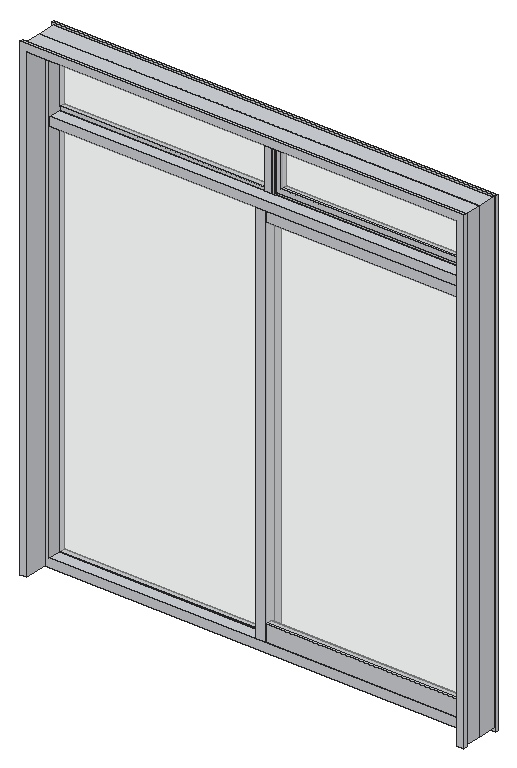
Revit family "APL Residential Thermal Heart Sliding Door SF with Overlight", category Doors, host Wall, Revit 2017 (continued)
Definition of nested family "APL Residential Thermal Heart Sliding Door SF Overlight Horizontal Section"
  Definition of nested family "Jamb&Sash"
    Definition of nested family "65720_Sash"
      Lines and regions (mm)
        detail lines, in view "Ref. Level"
          curve 14: line (-3.5, 20.705, 0) -> (-3.5, 21.955, 0)
          curve 15: line (-3.5, 21.955, 0) -> (-2.208, 21.955, 0)
          curve 16: line (-2.208, 21.955, 0) -> (-0.482, 17.85, 0)
        detail lines, in view "Ref. Level", not visible
          curve 17: arc (33.161, -9.933, 0) -> (32.851, -9.793, 0) -> (32.689, -10.092, 0) r 0.25
          curve 18: arc (32.715, -19.98, 0) -> (32.877, -20.279, 0) -> (33.188, -20.139, 0) r 0.25
          curve 19: line (32.689, -10.092, 0) -> (33.683, -13.959, 0)
          curve 20: line (33.683, -13.959, 0) -> (32.679, -14.539, 0)
          curve 21: line (32.679, -14.539, 0) -> (32.679, -15.539, 0)
          curve 22: line (32.679, -15.539, 0) -> (33.705, -16.131, 0)
          curve 23: line (33.705, -16.131, 0) -> (32.715, -19.98, 0)
          curve 24: line (33.188, -20.139, 0) -> (34.912, -16.039, 0)
          curve 25: line (34.912, -16.039, 0) -> (36.179, -16.039, 0)
          curve 26: line (36.179, -16.039, 0) -> (36.179, -17.289, 0)
          curve 27: line (36.179, -17.289, 0) -> (37.179, -17.289, 0)
          curve 28: line (37.179, -17.289, 0) -> (37.179, -12.789, 0)
          curve 29: line (37.179, -12.789, 0) -> (36.179, -12.789, 0)
          curve 30: line (36.179, -12.789, 0) -> (36.179, -14.039, 0)
          curve 31: line (36.179, -14.039, 0) -> (34.887, -14.039, 0)
          curve 32: line (34.887, -14.039, 0) -> (33.161, -9.933, 0)
        model lines, in view "Ref. Level"
          curve 33: arc (17.915, 0.146, 0) -> (17.978, 0, 0) -> (17.915, -0.146, 0) r 0.2
          curve 34: arc (17.915, -0.146, 0) -> (17.682, -0.477, 0) -> (17.6, -0.874, 0) r 1
          curve 35: arc (17.6, -2.45, 0) -> (17.728, -2.668, 0) -> (17.98, -2.663, 0) r 0.25
          curve 36: arc (18.066, -2.611, 0) -> (18.172, -2.479, 0) -> (18.169, -2.309, 0) r 0.25
          curve 37: arc (19.422, -1.544, 0) -> (19.498, -1.511, 0) -> (19.579, -1.5, 0) r 0.3
          curve 38: arc (20.1, -1.5, 0) -> (20.258, -1.578, 0) -> (20.294, -1.75, 0) r 0.2
          curve 39: arc (20.1, -5.753, 0) -> (20.126, -5.875, 0) -> (20.2, -5.976, 0) r 0.3
          curve 40: arc (20.2, -5.976, 0) -> (20.28, -6.307, 0) -> (20, -6.5, 0) r 0.3
          curve 41: arc (17.779, -5.957, 0) -> (17.69, -5.905, 0) -> (17.638, -5.816, 0) r 0.2
          curve 42: arc (17.593, -5.648, 0) -> (17.452, -5.507, 0) -> (17.259, -5.559, 0) r 0.2
          curve 43: arc (16.895, -5.922, 0) -> (16.835, -6.008, 0) -> (16.808, -6.108, 0) r 0.3
          curve 44: arc (16.601, -8.474, 0) -> (16.717, -8.738, 0) -> (17.003, -8.782, 0) r 0.3
          curve 45: arc (18.413, -8.268, 0) -> (18.539, -8.181, 0) -> (18.605, -8.043, 0) r 0.3
          curve 46: arc (18.605, -8.043, 0) -> (18.878, -7.801, 0) -> (19.183, -8, 0) r 0.3
          curve 47: arc (38.5, -8, 0) -> (38.855, -8.145, 0) -> (39, -8.5, 0) r 0.496
          curve 48: arc (37.5, -13.6, 0) -> (36.793, -13.893, 0) -> (36.5, -14.6, 0) r 1
          curve 49: arc (36.5, -15.098, 0) -> (37, -15.599, 0) -> (37.5, -15.099, 0) r 0.5
          curve 50: arc (39.4, -19.8, 0) -> (39.1, -20.1, 0) -> (39.4, -20.4, 0) r 0.3
          curve 51: arc (37.5, -24.002, 0) -> (37.354, -23.647, 0) -> (37, -23.5, 0) r 0.5
          curve 52: arc (36.001, -23.5, 0) -> (35.859, -23.441, 0) -> (35.8, -23.3, 0) r 0.2
          curve 53: arc (35.8, -23.308, 0) -> (35.697, -23.003, 0) -> (35.429, -22.825, 0) r 0.5
          curve 54: arc (34.552, -22.589, 0) -> (34.378, -22.624, 0) -> (34.3, -22.783, 0) r 0.2
          curve 55: arc (34.52, -24.835, 0) -> (34.588, -24.953, 0) -> (34.717, -25, 0) r 0.2
          curve 56: arc (36, -26.8, 0) -> (36.059, -26.941, 0) -> (36.2, -27, 0) r 0.2
          curve 57: arc (40.6, -27, 0) -> (40.741, -26.941, 0) -> (40.8, -26.8, 0) r 0.2
          curve 58: arc (40.8, 9.2, 0) -> (40.2, 9.801, 0) -> (39.6, 9.2, 0) r 0.6
          curve 59: arc (34.719, 4.17, 0) -> (34.38, 4.303, 0) -> (34.221, 4.63, 0) r 0.5
          curve 60: arc (34.221, 4.63, 0) -> (34.008, 5.519, 0) -> (33.531, 6.299, 0) r 2.93
          curve 61: arc (33.531, 6.299, 0) -> (33.518, 6.54, 0) -> (33.747, 6.618, 0) r 0.2
          curve 62: arc (33.747, 6.618, 0) -> (34.115, 6.712, 0) -> (34.181, 7.087, 0) r 0.35
          curve 63: arc (34.181, 7.087, 0) -> (33.629, 7.751, 0) -> (32.801, 8, 0) r 1.498
          curve 64: arc (19.183, 8, 0) -> (18.878, 7.801, 0) -> (18.605, 8.043, 0) r 0.3
          curve 65: arc (18.605, 8.043, 0) -> (18.539, 8.181, 0) -> (18.413, 8.268, 0) r 0.3
          curve 66: arc (17.003, 8.782, 0) -> (16.717, 8.738, 0) -> (16.601, 8.474, 0) r 0.3
          curve 67: arc (16.808, 6.108, 0) -> (16.835, 6.008, 0) -> (16.895, 5.922, 0) r 0.3
          curve 68: arc (17.259, 5.559, 0) -> (17.452, 5.507, 0) -> (17.593, 5.648, 0) r 0.2
          curve 69: arc (17.638, 5.816, 0) -> (17.69, 5.905, 0) -> (17.779, 5.957, 0) r 0.2
          curve 70: arc (20, 6.5, 0) -> (20.28, 6.307, 0) -> (20.2, 5.976, 0) r 0.3
          curve 71: arc (20.2, 5.976, 0) -> (20.126, 5.875, 0) -> (20.1, 5.753, 0) r 0.3
          curve 72: arc (20.294, 1.75, 0) -> (20.258, 1.578, 0) -> (20.1, 1.5, 0) r 0.2
          curve 73: arc (19.579, 1.5, 0) -> (19.498, 1.511, 0) -> (19.423, 1.544, 0) r 0.3
          curve 74: arc (18.169, 2.309, 0) -> (18.172, 2.479, 0) -> (18.066, 2.611, 0) r 0.25
          curve 75: arc (17.98, 2.663, 0) -> (17.728, 2.668, 0) -> (17.6, 2.45, 0) r 0.25
          curve 76: arc (17.6, 0.874, 0) -> (17.682, 0.477, 0) -> (17.915, 0.146, 0) r 1
          curve 77: arc (28.892, 6.6, 0) -> (29.073, 6.485, 0) -> (29.046, 6.272, 0) r 0.2
          curve 78: arc (29.046, 6.272, 0) -> (28.37, 4.41, 0) -> (29.034, 2.543, 0) r 2.93
          curve 79: arc (29.034, 2.543, 0) -> (30.019, 2.445, 0) -> (30.116, 3.43, 0) r 0.7
          curve 80: arc (30.116, 3.43, 0) -> (29.77, 4.4, 0) -> (30.116, 5.37, 0) r 1.53
          curve 81: arc (30.116, 5.37, 0) -> (30.208, 5.514, 0) -> (30.262, 5.676, 0) r 0.7
          curve 82: arc (30.262, 5.676, 0) -> (30.359, 5.888, 0) -> (30.541, 6.032, 0) r 0.5
          curve 83: arc (30.541, 6.032, 0) -> (31.3, 6.2, 0) -> (32.059, 6.032, 0) r 1.8
          curve 84: arc (32.059, 6.032, 0) -> (32.241, 5.888, 0) -> (32.338, 5.676, 0) r 0.5
          curve 85: arc (32.338, 5.676, 0) -> (32.392, 5.514, 0) -> (32.484, 5.37, 0) r 0.7
          curve 86: arc (32.484, 5.37, 0) -> (32.83, 4.4, 0) -> (32.484, 3.43, 0) r 1.53
          curve 87: arc (32.484, 3.43, 0) -> (32.581, 2.445, 0) -> (33.566, 2.543, 0) r 0.7
          curve 88: arc (33.566, 2.543, 0) -> (33.647, 2.645, 0) -> (33.722, 2.751, 0) r 2.93
          curve 89: arc (33.722, 2.751, 0) -> (33.902, 2.912, 0) -> (34.135, 2.97, 0) r 0.5
          curve 90: arc (38.899, 2.97, 0) -> (39.253, 2.824, 0) -> (39.4, 2.47, 0) r 0.5
          curve 91: arc (39.4, -6.3, 0) -> (39.254, -6.654, 0) -> (38.9, -6.8, 0) r 0.5
          curve 92: arc (22.502, -6.8, 0) -> (22.147, -6.654, 0) -> (22, -6.3, 0) r 0.5
          curve 93: line (17.6, -0.874, 0) -> (17.6, -2.45, 0)
          curve 94: line (18.169, -2.309, 0) -> (19.422, -1.544, 0)
          curve 95: line (19.422, -1.544, 0) -> (20.1, -1.5, 0)
          curve 96: line (20.294, -1.75, 0) -> (20.106, -2.475, 0)
          curve 97: line (20.106, -2.475, 0) -> (20.1, -5.753, 0)
          curve 98: line (19.846, -6.5, 0) -> (17.779, -5.957, 0)
          curve 99: line (17.779, -5.957, 0) -> (17.593, -5.648, 0)
          curve 100: line (17.259, -5.559, 0) -> (16.895, -5.922, 0)
          curve 101: line (16.808, -6.108, 0) -> (16.601, -8.474, 0)
          curve 102: line (17.003, -8.782, 0) -> (18.413, -8.268, 0)
          curve 103: line (19.183, -8, 0) -> (38.5, -8, 0)
          curve 104: line (39, -8.5, 0) -> (39, -13.6, 0)
          curve 105: line (39, -13.6, 0) -> (37.5, -13.6, 0)
          curve 106: line (36.5, -14.6, 0) -> (36.5, -15.098, 0)
          curve 107: line (37.5, -15.099, 0) -> (37.5, -14.6, 0)
          curve 108: line (37.5, -14.6, 0) -> (39.4, -14.6, 0)
          curve 109: line (39.4, -14.6, 0) -> (39.4, -19.8, 0)
          curve 110: line (39.4, -20.4, 0) -> (39.4, -25.6, 0)
          curve 111: line (39.4, -25.6, 0) -> (37.5, -25.6, 0)
          curve 112: line (37.5, -25.6, 0) -> (37.5, -24.002, 0)
          curve 113: line (37, -23.5, 0) -> (36.001, -23.5, 0)
          curve 114: line (35.429, -22.825, 0) -> (34.552, -22.589, 0)
          curve 115: line (34.3, -22.783, 0) -> (34.3, -23.589, 0)
          curve 116: line (34.3, -23.589, 0) -> (34.52, -24.835, 0)
          curve 117: line (34.717, -25, 0) -> (36, -25, 0)
          curve 118: line (36, -25, 0) -> (36, -26.8, 0)
          curve 119: line (36.2, -27, 0) -> (40.6, -27, 0)
          curve 120: line (40.8, -26.8, 0) -> (40.8, 9.2, 0)
          curve 121: line (39.6, 9.2, 0) -> (39.6, 4.17, 0)
          curve 122: line (39.6, 4.17, 0) -> (34.719, 4.17, 0)
          curve 123: line (32.801, 8, 0) -> (24.7, 8, 0)
          curve 124: line (24.7, 8, 0) -> (24.3, 7.6, 0)
          curve 125: line (24.3, 7.6, 0) -> (23.9, 8, 0)
          curve 126: line (23.9, 8, 0) -> (19.183, 8, 0)
          curve 127: line (18.413, 8.268, 0) -> (17.003, 8.782, 0)
          curve 128: line (16.601, 8.474, 0) -> (16.808, 6.108, 0)
          curve 129: line (16.895, 5.922, 0) -> (17.259, 5.559, 0)
          curve 130: line (17.593, 5.648, 0) -> (17.638, 5.816, 0)
          curve 131: line (17.638, 5.816, 0) -> (19.768, 6.49, 0)
          curve 132: line (19.768, 6.49, 0) -> (20, 6.5, 0)
          curve 133: line (20.1, 5.753, 0) -> (20.1, 2.525, 0)
          curve 134: line (20.1, 2.525, 0) -> (20.294, 1.75, 0)
          curve 135: line (20.1, 1.5, 0) -> (19.579, 1.5, 0)
          curve 136: line (19.579, 1.5, 0) -> (18.169, 2.309, 0)
          curve 137: line (17.6, 2.45, 0) -> (17.6, 0.874, 0)
          curve 138: line (22.5, 6.6, 0) -> (28.892, 6.6, 0)
          curve 139: line (34.135, 2.97, 0) -> (38.899, 2.97, 0)
          curve 140: line (39.4, 2.47, 0) -> (39.4, -6.3, 0)
          curve 141: line (38.9, -6.8, 0) -> (22.502, -6.8, 0)
          curve 142: line (22, -6.3, 0) -> (22, 6.1, 0)
          curve 143: arc (22, 6.1, 0) -> (22.146, 6.454, 0) -> (22.5, 6.6, 0) r 0.5
          curve 144: arc (12.714, 14.359, 0) -> (13.138, 14.183, 0) -> (13.314, 13.759, 0) r 0.6
          curve 145: arc (13.633, 5.978, 0) -> (13.937, 5.291, 0) -> (14.633, 5.009, 0) r 1
          curve 146: arc (17.054, 5.009, 0) -> (17.364, 5.05, 0) -> (17.654, 5.17, 0) r 1.2
          curve 147: arc (19.714, 6.209, 0) -> (19.996, 6.092, 0) -> (20.114, 5.809, 0) r 0.4
          curve 148: arc (20.014, 4.834, 0) -> (19.955, 4.693, 0) -> (19.814, 4.634, 0) r 0.2
          curve 149: arc (19.617, 4.653, 0) -> (19.041, 4.615, 0) -> (18.764, 4.109, 0) r 0.6
          curve 150: arc (18.764, 4.109, 0) -> (19.041, 3.603, 0) -> (19.617, 3.565, 0) r 0.6
          curve 151: arc (19.814, 3.584, 0) -> (19.955, 3.525, 0) -> (20.014, 3.384, 0) r 0.2
          curve 152: arc (20.114, 2.409, 0) -> (19.996, 2.126, 0) -> (19.714, 2.009, 0) r 0.4
          curve 153: arc (17.654, 3.048, 0) -> (17.364, 3.168, 0) -> (17.054, 3.209, 0) r 1.2
          curve 154: arc (8.374, 3.209, 0) -> (8.063, 3.168, 0) -> (7.774, 3.048, 0) r 1.2
          curve 155: arc (5.714, 2.009, 0) -> (5.431, 2.126, 0) -> (5.314, 2.409, 0) r 0.4
          curve 156: arc (5.414, 3.384, 0) -> (5.472, 3.525, 0) -> (5.614, 3.584, 0) r 0.2
          curve 157: arc (5.81, 3.565, 0) -> (6.386, 3.603, 0) -> (6.664, 4.109, 0) r 0.6
          curve 158: arc (6.664, 4.109, 0) -> (6.386, 4.615, 0) -> (5.81, 4.653, 0) r 0.6
          curve 159: arc (5.614, 4.634, 0) -> (5.472, 4.693, 0) -> (5.414, 4.834, 0) r 0.2
          curve 160: arc (5.314, 5.809, 0) -> (5.431, 6.092, 0) -> (5.714, 6.209, 0) r 0.4
          curve 161: arc (7.774, 5.17, 0) -> (8.063, 5.05, 0) -> (8.374, 5.009, 0) r 1.2
          curve 162: arc (10.794, 5.009, 0) -> (11.49, 5.291, 0) -> (11.794, 5.978, 0) r 1
          curve 163: line (13.314, 13.759, 0) -> (13.633, 5.978, 0)
          curve 164: line (14.633, 5.009, 0) -> (16.946, 5.009, 0)
          curve 165: line (17.654, 5.17, 0) -> (18.414, 5.609, 0)
          curve 166: line (18.414, 5.609, 0) -> (19.407, 6.182, 0)
          curve 167: line (19.407, 6.182, 0) -> (19.714, 6.209, 0)
          curve 168: line (20.114, 5.809, 0) -> (20.114, 5.309, 0)
          curve 169: line (20.114, 5.309, 0) -> (20.014, 4.834, 0)
          curve 170: line (20.014, 3.384, 0) -> (20.014, 3.009, 0)
          curve 171: line (20.014, 3.009, 0) -> (20.114, 2.409, 0)
          curve 172: line (19.714, 2.009, 0) -> (19.507, 2.009, 0)
          curve 173: line (19.507, 2.009, 0) -> (18.414, 2.609, 0)
          curve 174: line (18.414, 2.609, 0) -> (17.654, 3.048, 0)
          curve 175: line (16.946, 3.209, 0) -> (12.714, 3.209, 0)
          curve 176: line (12.714, 3.209, 0) -> (8.374, 3.209, 0)
          curve 177: line (7.774, 3.048, 0) -> (6.02, 2.036, 0)
          curve 178: line (6.02, 2.036, 0) -> (5.714, 2.009, 0)
          curve 179: line (5.314, 2.409, 0) -> (5.314, 2.909, 0)
          curve 180: line (5.314, 2.909, 0) -> (5.414, 3.384, 0)
          curve 181: line (5.414, 4.834, 0) -> (5.414, 5.209, 0)
          curve 182: line (5.414, 5.209, 0) -> (5.314, 5.809, 0)
          curve 183: line (5.714, 6.209, 0) -> (5.92, 6.209, 0)
          curve 184: line (5.92, 6.209, 0) -> (7.774, 5.17, 0)
          curve 185: line (8.374, 5.009, 0) -> (10.794, 5.009, 0)
          curve 186: line (11.794, 5.978, 0) -> (12.114, 13.768, 0)
          curve 187: arc (12.114, 13.768, 0) -> (12.293, 14.187, 0) -> (12.714, 14.359, 0) r 0.6
          curve 188: arc (5.3, -2.4, 0) -> (5.417, -2.117, 0) -> (5.7, -2, 0) r 0.4
          curve 189: arc (5.993, -2, 0) -> (6.096, -2.014, 0) -> (6.193, -2.054, 0) r 0.4
          curve 190: arc (7.721, -2.939, 0) -> (8.011, -3.059, 0) -> (8.322, -3.1, 0) r 1.2
          curve 191: arc (9.245, -3.1, 0) -> (9.818, -3.281, 0) -> (10.184, -3.758, 0) r 1
          curve 192: arc (10.977, -5.937, 0) -> (11.124, -6.128, 0) -> (11.353, -6.2, 0) r 0.4
          curve 193: arc (14.047, -6.2, 0) -> (14.276, -6.128, 0) -> (14.423, -5.937, 0) r 0.4
          curve 194: arc (15.216, -3.758, 0) -> (15.582, -3.281, 0) -> (16.155, -3.1, 0) r 1
          curve 195: arc (17.078, -3.1, 0) -> (17.389, -3.059, 0) -> (17.679, -2.939, 0) r 1.2
          curve 196: arc (19.207, -2.054, 0) -> (19.304, -2.014, 0) -> (19.407, -2, 0) r 0.4
          curve 197: arc (19.7, -2, 0) -> (19.983, -2.117, 0) -> (20.1, -2.4, 0) r 0.4
          curve 198: arc (20.1, -5.8, 0) -> (19.983, -6.083, 0) -> (19.7, -6.2, 0) r 0.4
          curve 199: arc (19.407, -6.2, 0) -> (19.304, -6.186, 0) -> (19.207, -6.146, 0) r 0.4
          curve 200: arc (17.679, -5.261, 0) -> (17.385, -5.14, 0) -> (17.07, -5.1, 0) r 1.2
          curve 201: arc (17.07, -5.1, 0) -> (16.895, -5.153, 0) -> (16.784, -5.297, 0) r 0.3
          curve 202: arc (15.896, -7.737, 0) -> (15.749, -7.928, 0) -> (15.52, -8, 0) r 0.4
          curve 203: arc (9.88, -8, 0) -> (9.651, -7.928, 0) -> (9.504, -7.737, 0) r 0.4
          curve 204: arc (8.616, -5.297, 0) -> (8.505, -5.153, 0) -> (8.33, -5.1, 0) r 0.3
          curve 205: arc (8.33, -5.1, 0) -> (8.015, -5.14, 0) -> (7.721, -5.261, 0) r 1.2
          curve 206: arc (6.193, -6.146, 0) -> (6.096, -6.186, 0) -> (5.993, -6.2, 0) r 0.4
          curve 207: arc (5.7, -6.2, 0) -> (5.417, -6.083, 0) -> (5.3, -5.8, 0) r 0.4
          curve 208: line (5.7, -2, 0) -> (5.993, -2, 0)
          curve 209: line (6.193, -2.054, 0) -> (7.721, -2.939, 0)
          curve 210: line (8.322, -3.1, 0) -> (9.245, -3.1, 0)
          curve 211: line (10.184, -3.758, 0) -> (10.977, -5.937, 0)
          curve 212: line (11.353, -6.2, 0) -> (14.047, -6.2, 0)
          curve 213: line (14.423, -5.937, 0) -> (15.216, -3.758, 0)
          curve 214: line (16.155, -3.1, 0) -> (17.078, -3.1, 0)
          curve 215: line (17.679, -2.939, 0) -> (19.207, -2.054, 0)
          curve 216: line (19.407, -2, 0) -> (19.7, -2, 0)
          curve 217: line (20.1, -2.4, 0) -> (20.1, -5.8, 0)
          curve 218: line (19.7, -6.2, 0) -> (19.407, -6.2, 0)
          curve 219: line (19.207, -6.146, 0) -> (17.679, -5.261, 0)
          curve 220: line (16.784, -5.297, 0) -> (15.896, -7.737, 0)
          curve 221: line (15.52, -8, 0) -> (9.88, -8, 0)
          curve 222: line (9.504, -7.737, 0) -> (8.616, -5.297, 0)
          curve 223: line (7.721, -5.261, 0) -> (6.193, -6.146, 0)
          curve 224: line (5.993, -6.2, 0) -> (5.7, -6.2, 0)
          curve 225: line (5.3, -5.8, 0) -> (5.3, -2.4, 0)
          curve 226: arc (7.8, -0.874, 0) -> (7.718, -0.477, 0) -> (7.485, -0.146, 0) r 1
          curve 227: arc (7.485, -0.146, 0) -> (7.422, 0, 0) -> (7.485, 0.146, 0) r 0.2
          curve 228: arc (7.485, 0.146, 0) -> (7.718, 0.477, 0) -> (7.8, 0.874, 0) r 1
          curve 229: arc (7.8, 2.449, 0) -> (7.673, 2.668, 0) -> (7.42, 2.663, 0) r 0.25
          curve 230: arc (7.334, 2.611, 0) -> (7.228, 2.479, 0) -> (7.231, 2.309, 0) r 0.25
          curve 231: arc (5.977, 1.544, 0) -> (5.902, 1.511, 0) -> (5.821, 1.5, 0) r 0.3
          curve 232: arc (5.3, 1.5, 0) -> (5.142, 1.578, 0) -> (5.106, 1.75, 0) r 0.2
          curve 233: arc (5.3, 5.753, 0) -> (5.274, 5.875, 0) -> (5.2, 5.976, 0) r 0.3
          curve 234: arc (5.2, 5.976, 0) -> (5.12, 6.307, 0) -> (5.4, 6.5, 0) r 0.3
          curve 235: arc (7.621, 5.957, 0) -> (7.71, 5.905, 0) -> (7.762, 5.816, 0) r 0.2
          curve 236: arc (7.807, 5.648, 0) -> (7.948, 5.507, 0) -> (8.141, 5.559, 0) r 0.2
          curve 237: arc (8.505, 5.922, 0) -> (8.565, 6.008, 0) -> (8.592, 6.108, 0) r 0.3
          curve 238: arc (8.799, 8.474, 0) -> (8.683, 8.738, 0) -> (8.397, 8.782, 0) r 0.3
          curve 239: arc (6.987, 8.268, 0) -> (6.861, 8.181, 0) -> (6.795, 8.043, 0) r 0.3
          curve 240: arc (6.795, 8.043, 0) -> (6.522, 7.801, 0) -> (6.217, 8, 0) r 0.3
          curve 241: arc (-3.3, 8, 0) -> (-4.007, 8.293, 0) -> (-4.3, 9, 0) r 1
          curve 242: arc (-4.3, 18.8, 0) -> (-4.241, 18.941, 0) -> (-4.1, 19, 0) r 0.2
          curve 243: arc (-3.2, 19, 0) -> (-2.493, 19.293, 0) -> (-2.2, 20, 0) r 1
          curve 244: arc (-2.2, 20.751, 0) -> (-2.7, 21.252, 0) -> (-3.2, 20.751, 0) r 0.5
          curve 245: arc (-3.2, 24.751, 0) -> (-2.7, 24.249, 0) -> (-2.2, 24.751, 0) r 0.5
          curve 246: arc (-2.2, 25.501, 0) -> (-2.493, 26.207, 0) -> (-3.199, 26.5, 0) r 0.999
          curve 247: arc (-4.7, 26.5, 0) -> (-5.407, 26.207, 0) -> (-5.7, 25.5, 0) r 1
          curve 248: arc (-5.7, -14.454, 0) -> (-5.548, -15.22, 0) -> (-5.114, -15.869, 0) r 2
          curve 249: arc (5.959, -26.941, 0) -> (6.177, -26.985, 0) -> (6.3, -26.8, 0) r 0.2
          curve 250: arc (6.3, -22.85, 0) -> (6.241, -22.709, 0) -> (6.1, -22.65, 0) r 0.2
          curve 251: arc (5.501, -22.65, 0) -> (5.359, -22.708, 0) -> (5.3, -22.85, 0) r 0.2
          curve 252: arc (5.3, -23.2, 0) -> (5.241, -23.341, 0) -> (5.1, -23.4, 0) r 0.201
          curve 253: arc (4.497, -23.4, 0) -> (4.357, -23.341, 0) -> (4.3, -23.2, 0) r 0.198
          curve 254: arc (4.3, -20.1, 0) -> (4.358, -19.96, 0) -> (4.497, -19.9, 0) r 0.2
          curve 255: arc (5.1, -19.9, 0) -> (5.241, -19.959, 0) -> (5.3, -20.1, 0) r 0.2
          curve 256: arc (5.3, -20.45, 0) -> (5.359, -20.591, 0) -> (5.5, -20.65, 0) r 0.2
          curve 257: arc (6.1, -20.65, 0) -> (6.241, -20.591, 0) -> (6.3, -20.45, 0) r 0.2
          curve 258: arc (6.3, -19.092, 0) -> (6.244, -18.951, 0) -> (6.1, -18.9, 0) r 0.184
          curve 259: arc (6.217, -8, 0) -> (6.522, -7.801, 0) -> (6.795, -8.043, 0) r 0.3
          curve 260: arc (6.795, -8.043, 0) -> (6.861, -8.181, 0) -> (6.987, -8.268, 0) r 0.3
          curve 261: arc (8.397, -8.782, 0) -> (8.683, -8.738, 0) -> (8.799, -8.474, 0) r 0.3
          curve 262: arc (8.592, -6.108, 0) -> (8.565, -6.008, 0) -> (8.505, -5.922, 0) r 0.3
          curve 263: arc (8.141, -5.559, 0) -> (7.948, -5.507, 0) -> (7.807, -5.648, 0) r 0.2
          curve 264: arc (7.762, -5.816, 0) -> (7.71, -5.905, 0) -> (7.621, -5.957, 0) r 0.2
          curve 265: arc (5.4, -6.5, 0) -> (5.12, -6.307, 0) -> (5.2, -5.976, 0) r 0.3
          curve 266: arc (5.2, -5.976, 0) -> (5.274, -5.875, 0) -> (5.3, -5.753, 0) r 0.3
          curve 267: arc (5.106, -1.75, 0) -> (5.142, -1.578, 0) -> (5.3, -1.5, 0) r 0.2
          curve 268: arc (5.82, -1.5, 0) -> (5.902, -1.511, 0) -> (5.977, -1.544, 0) r 0.3
          curve 269: arc (7.231, -2.309, 0) -> (7.228, -2.479, 0) -> (7.334, -2.611, 0) r 0.25
          curve 270: arc (7.42, -2.663, 0) -> (7.672, -2.668, 0) -> (7.8, -2.45, 0) r 0.25
          curve 271: arc (-0.454, 6.272, 0) -> (-0.427, 6.485, 0) -> (-0.608, 6.6, 0) r 0.2
          curve 272: arc (-3.4, 6.6, 0) -> (-4.107, 6.307, 0) -> (-4.4, 5.6, 0) r 1
          curve 273: arc (-4.4, -2.447, 0) -> (-4.254, -2.802, 0) -> (-3.9, -2.949, 0) r 0.5
          curve 274: arc (-2.4, -2.949, 0) -> (-1.693, -3.242, 0) -> (-1.4, -3.949, 0) r 1
          curve 275: arc (-1.4, -4.449, 0) -> (-1.9, -4.949, 0) -> (-2.4, -4.449, 0) r 0.5
          curve 276: arc (-4, -3.949, 0) -> (-4.283, -4.067, 0) -> (-4.4, -4.349, 0) r 0.4
          curve 277: arc (-4.4, -9.05, 0) -> (-4, -9.45, 0) -> (-4.4, -9.85, 0) r 0.4
          curve 278: arc (-4.4, -14.452, 0) -> (-4.347, -14.721, 0) -> (-4.195, -14.949, 0) r 0.7
          curve 279: arc (-2.4, -14.449, 0) -> (-1.9, -13.949, 0) -> (-1.4, -14.449, 0) r 0.5
          curve 280: arc (-1.4, -15.007, 0) -> (-1.602, -15.609, 0) -> (-2.125, -15.969, 0) r 1
          curve 281: arc (-2.125, -15.969, 0) -> (-2.472, -16.324, 0) -> (-2.341, -16.803, 0) r 0.5
          curve 282: arc (2.959, -22.103, 0) -> (3.177, -22.146, 0) -> (3.3, -21.962, 0) r 0.2
          curve 283: line (7.8, 0.874, 0) -> (7.8, 2.449, 0)
          curve 284: line (7.231, 2.309, 0) -> (5.977, 1.544, 0)
          curve 285: line (5.977, 1.544, 0) -> (5.3, 1.5, 0)
          curve 286: line (5.106, 1.75, 0) -> (5.294, 2.475, 0)
          curve 287: line (5.294, 2.475, 0) -> (5.3, 5.753, 0)
          curve 288: line (5.554, 6.5, 0) -> (7.621, 5.957, 0)
          curve 289: line (7.621, 5.957, 0) -> (7.807, 5.648, 0)
          curve 290: line (8.141, 5.559, 0) -> (8.505, 5.922, 0)
          curve 291: line (8.592, 6.108, 0) -> (8.799, 8.474, 0)
          curve 292: line (8.397, 8.782, 0) -> (6.987, 8.268, 0)
          curve 293: line (6.217, 8, 0) -> (-3.3, 8, 0)
          curve 294: line (-4.3, 9, 0) -> (-4.3, 18.8, 0)
          curve 295: line (-4.1, 19, 0) -> (-3.2, 19, 0)
          curve 296: line (-2.2, 20, 0) -> (-2.2, 20.751, 0)
          curve 297: line (-3.2, 20.751, 0) -> (-3.2, 20, 0)
          curve 298: line (-3.2, 20, 0) -> (-4.7, 20, 0)
          curve 299: line (-4.7, 20, 0) -> (-4.7, 25.5, 0)
          curve 300: line (-4.7, 25.5, 0) -> (-3.2, 25.5, 0)
          curve 301: line (-3.2, 25.5, 0) -> (-3.2, 24.751, 0)
          curve 302: line (-2.2, 24.751, 0) -> (-2.2, 25.501, 0)
          curve 303: line (-3.199, 26.5, 0) -> (-4.7, 26.5, 0)
          curve 304: line (-5.7, 25.5, 0) -> (-5.7, -14.454, 0)
          curve 305: line (-5.114, -15.869, 0) -> (5.959, -26.941, 0)
          curve 306: line (6.3, -26.8, 0) -> (6.3, -22.85, 0)
          curve 307: line (6.1, -22.65, 0) -> (5.501, -22.65, 0)
          curve 308: line (5.3, -22.85, 0) -> (5.3, -23.2, 0)
          curve 309: line (5.1, -23.4, 0) -> (4.497, -23.4, 0)
          curve 310: line (4.3, -23.2, 0) -> (4.3, -20.1, 0)
          curve 311: line (4.497, -19.9, 0) -> (5.1, -19.9, 0)
          curve 312: line (5.3, -20.1, 0) -> (5.3, -20.45, 0)
          curve 313: line (5.5, -20.65, 0) -> (6.1, -20.65, 0)
          curve 314: line (6.3, -20.45, 0) -> (6.3, -19.092, 0)
          curve 315: line (6.1, -18.9, 0) -> (4.6, -18.9, 0)
          curve 316: line (4.6, -18.9, 0) -> (4.6, -8, 0)
          curve 317: line (4.6, -8, 0) -> (6.217, -8, 0)
          curve 318: line (6.987, -8.268, 0) -> (8.397, -8.782, 0)
          curve 319: line (8.799, -8.474, 0) -> (8.592, -6.108, 0)
          curve 320: line (8.505, -5.922, 0) -> (8.141, -5.559, 0)
          curve 321: line (7.807, -5.648, 0) -> (7.762, -5.816, 0)
          curve 322: line (7.762, -5.816, 0) -> (5.632, -6.49, 0)
          curve 323: line (5.632, -6.49, 0) -> (5.4, -6.5, 0)
          curve 324: line (5.3, -5.753, 0) -> (5.3, -2.525, 0)
          curve 325: line (5.3, -2.525, 0) -> (5.106, -1.75, 0)
          curve 326: line (5.3, -1.5, 0) -> (5.82, -1.5, 0)
          curve 327: line (5.821, -1.5, 0) -> (7.231, -2.309, 0)
          curve 328: line (7.8, -2.45, 0) -> (7.8, -0.874, 0)
          curve 329: line (-0.608, 6.6, 0) -> (-3.4, 6.6, 0)
          curve 330: line (-4.4, 5.6, 0) -> (-4.4, -2.447, 0)
          curve 331: line (-3.9, -2.949, 0) -> (-2.4, -2.949, 0)
          curve 332: line (-1.4, -3.949, 0) -> (-1.4, -4.449, 0)
          curve 333: line (-2.4, -4.449, 0) -> (-2.4, -3.949, 0)
          curve 334: line (-2.4, -3.949, 0) -> (-4, -3.949, 0)
          curve 335: line (-4.4, -4.349, 0) -> (-4.4, -9.05, 0)
          curve 336: line (-4.4, -9.85, 0) -> (-4.4, -14.452, 0)
          curve 337: line (-4.195, -14.949, 0) -> (-2.4, -14.949, 0)
          curve 338: line (-2.4, -14.949, 0) -> (-2.4, -14.449, 0)
          curve 339: line (-1.4, -14.449, 0) -> (-1.4, -15.007, 0)
          curve 340: line (-2.341, -16.803, 0) -> (2.959, -22.103, 0)
          curve 341: line (3.3, -21.962, 0) -> (3.3, 2.193, 0)
          curve 342: arc (3.3, 2.193, 0) -> (3.272, 2.296, 0) -> (3.194, 2.37, 0) r 0.2
          curve 343: arc (3.194, 2.37, 0) -> (2.838, 2.85, 0) -> (2.984, 3.43, 0) r 0.7
          curve 344: arc (2.984, 3.43, 0) -> (3.33, 4.4, 0) -> (2.984, 5.37, 0) r 1.53
          curve 345: arc (2.984, 5.37, 0) -> (2.892, 5.514, 0) -> (2.838, 5.676, 0) r 0.7
          curve 346: arc (2.838, 5.676, 0) -> (2.741, 5.888, 0) -> (2.559, 6.032, 0) r 0.5
          curve 347: arc (2.559, 6.032, 0) -> (1.8, 6.2, 0) -> (1.041, 6.032, 0) r 1.8
          curve 348: arc (1.041, 6.032, 0) -> (0.859, 5.888, 0) -> (0.762, 5.676, 0) r 0.5
          curve 349: arc (0.762, 5.676, 0) -> (0.708, 5.514, 0) -> (0.616, 5.37, 0) r 0.7
          curve 350: arc (0.616, 5.37, 0) -> (0.27, 4.4, 0) -> (0.616, 3.43, 0) r 1.53
          curve 351: arc (0.616, 3.43, 0) -> (0.519, 2.445, 0) -> (-0.466, 2.543, 0) r 0.7
          curve 352: arc (-0.466, 2.543, 0) -> (-1.13, 4.41, 0) -> (-0.454, 6.272, 0) r 2.93
      Text (mm)
        text "65720" at (33.241, 33.025, 0), in view "Ref. Level"
  Definition of nested family "Glazing"
    Parameters (values of type "Glazing")
      Glass Lenght [instance] = 50 mm
    Reference planes
      plane 1 "Center (Front/Back)": y = 0
      plane 2: z = 0
      plane 3 "Center (Left/Right)": x = 0
      plane 4: y = -50
    Lines and regions (mm)
      Filled region 1, type "Solid Fill - Black", in view "Ref. Level"
        outline origin (0, 0, 0) x (1, 0, 0) y (0, 1, 0)
          loop
            line (4, 0) -> (4, -12) -> (20, -12) -> (20, 0) -> (4, 0)
      model lines, in view "Ref. Level"
        curve 1: line (4, -12, 0) -> (20, -12, 0)
        curve 2: line (0, -50, 0) -> (0, 0, 0)
        curve 3: line (0, 0, 0) -> (24, 0, 0)
        curve 4: line (24, 0, 0) -> (24, -50, 0)
        curve 5: line (20, 0, 0) -> (20, -50, 0)
        curve 6: line (4, 0, 0) -> (4, -50, 0)
      detail lines, in view "Ref. Level"
        curve 7: arc (-0.25, -4.9, 0) -> (0, -5.15, 0) -> (-0.25, -5.4, 0) r 0.25
        curve 8: arc (-0.25, -8.45, 0) -> (0, -8.7, 0) -> (-0.25, -8.95, 0) r 0.25
        curve 9: arc (-0.25, -9.619, 0) -> (0, -9.869, 0) -> (-0.25, -10.119, 0) r 0.25
        curve 10: arc (-0.25, -10.787, 0) -> (0, -11.037, 0) -> (-0.25, -11.287, 0) r 0.25
        curve 11: line (-0.25, -12.456, 0) -> (-1, -12.456, 0)
        curve 12: line (-1, -12.456, 0) -> (-1, -8.45, 0)
        curve 13: line (-1, -8.45, 0) -> (-2.2, -8.45, 0)
        curve 14: line (-2.2, -8.45, 0) -> (-2.2, -9.2, 0)
        curve 15: line (-2.2, -9.2, 0) -> (-2.8, -9.2, 0)
        curve 16: line (-2.8, -9.2, 0) -> (-2.8, -6.1, 0)
        curve 17: line (-2.8, -6.1, 0) -> (-2.2, -6.1, 0)
        curve 18: line (-2.2, -6.1, 0) -> (-2.2, -6.85, 0)
        curve 19: line (-2.2, -6.85, 0) -> (-1, -6.85, 0)
        curve 20: line (-1, -6.85, 0) -> (-1, -4.9, 0)
        curve 21: line (-1, -4.9, 0) -> (-0.25, -4.9, 0)
        curve 22: line (-0.25, -5.4, 0) -> (-0.25, -8.45, 0)
        curve 23: line (-0.25, -8.95, 0) -> (-0.25, -9.619, 0)
        curve 24: line (-0.25, -10.119, 0) -> (-0.25, -10.787, 0)
        curve 25: line (-0.25, -11.287, 0) -> (-0.25, -11.956, 0)
        curve 26: arc (-0.25, -11.956, 0) -> (0, -12.206, 0) -> (-0.25, -12.456, 0) r 0.25
        curve 27: arc (25, -10.728, 0) -> (24.979, -10.828, 0) -> (24.92, -10.912, 0) r 0.25
        curve 28: arc (24.161, -11.614, 0) -> (24.042, -11.78, 0) -> (24, -11.981, 0) r 0.5
        curve 29: arc (24, -13.404, 0) -> (24.088, -13.594, 0) -> (24.289, -13.651, 0) r 0.25
        curve 30: arc (28.489, -12.997, 0) -> (28.647, -12.904, 0) -> (28.699, -12.728, 0) r 0.25
        curve 31: arc (27.5, -8.1, 0) -> (27.711, -7.984, 0) -> (27.727, -7.744, 0) r 0.25
        curve 32: arc (26.033, -4.114, 0) -> (25.642, -3.858, 0) -> (25.24, -4.095, 0) r 0.442
        curve 33: arc (24.864, -4.812, 0) -> (24.414, -5.357, 0) -> (24.052, -5.964, 0) r 4.62
        curve 34: arc (24.052, -5.964, 0) -> (24.013, -6.073, 0) -> (24, -6.187, 0) r 0.5
        curve 35: arc (24, -6.743, 0) -> (24.132, -6.931, 0) -> (24.353, -6.871, 0) r 0.2
        curve 36: arc (24.353, -6.871, 0) -> (24.514, -6.711, 0) -> (24.702, -6.581, 0) r 1.262
        curve 37: arc (24.702, -6.581, 0) -> (24.901, -6.583, 0) -> (25, -6.756, 0) r 0.2
        curve 38: arc (25, -7.353, 0) -> (24.962, -7.543, 0) -> (24.855, -7.705, 0) r 0.5
        curve 39: arc (24.855, -7.705, 0) -> (24.408, -8.237, 0) -> (24.051, -8.833, 0) r 4.3
        curve 40: arc (24.051, -8.833, 0) -> (24.013, -8.941, 0) -> (24, -9.054, 0) r 0.5
        curve 41: arc (24, -9.668, 0) -> (24.137, -9.858, 0) -> (24.361, -9.787, 0) r 0.2
        curve 42: arc (24.361, -9.787, 0) -> (24.512, -9.617, 0) -> (24.69, -9.476, 0) r 1.288
        curve 43: arc (24.69, -9.476, 0) -> (24.895, -9.467, 0) -> (25, -9.643, 0) r 0.2
        curve 44: line (24.92, -10.912, 0) -> (24.161, -11.614, 0)
        curve 45: line (24, -11.981, 0) -> (24, -13.404, 0)
        curve 46: line (24.289, -13.651, 0) -> (28.489, -12.997, 0)
        curve 47: line (28.699, -12.728, 0) -> (28.548, -11, 0)
        curve 48: line (28.548, -11, 0) -> (27, -11, 0)
        curve 49: line (27, -11, 0) -> (27, -8.1, 0)
        curve 50: line (27, -8.1, 0) -> (27.5, -8.1, 0)
        curve 51: line (27.727, -7.744, 0) -> (26.033, -4.114, 0)
        curve 52: line (25.24, -4.095, 0) -> (24.864, -4.812, 0)
        curve 53: line (24, -6.187, 0) -> (24, -6.743, 0)
        curve 54: line (25, -6.756, 0) -> (25, -7.353, 0)
        curve 55: line (24, -9.054, 0) -> (24, -9.668, 0)
        curve 56: line (25, -9.643, 0) -> (25, -10.728, 0)
      detail lines, in view "Ref. Level", not visible
        curve 57: arc (-0.25, -4.9, 0) -> (0, -5.15, 0) -> (-0.25, -5.4, 0) r 0.25
        curve 58: arc (-0.25, -8.45, 0) -> (0, -8.7, 0) -> (-0.25, -8.95, 0) r 0.25
        curve 59: arc (-0.25, -9.619, 0) -> (0, -9.869, 0) -> (-0.25, -10.119, 0) r 0.25
        curve 60: arc (-0.25, -10.787, 0) -> (0, -11.037, 0) -> (-0.25, -11.287, 0) r 0.25
        curve 61: line (-0.25, -12.456, 0) -> (-1, -12.456, 0)
        curve 62: line (-1, -12.456, 0) -> (-1, -8.45, 0)
        curve 63: line (-1, -8.45, 0) -> (-2.2, -8.45, 0)
        curve 64: line (-2.2, -8.45, 0) -> (-2.2, -9.2, 0)
        curve 65: line (-2.2, -9.2, 0) -> (-2.8, -9.2, 0)
        curve 66: line (-2.8, -9.2, 0) -> (-2.8, -6.1, 0)
        curve 67: line (-2.8, -6.1, 0) -> (-2.2, -6.1, 0)
        curve 68: line (-2.2, -6.1, 0) -> (-2.2, -6.85, 0)
        curve 69: line (-2.2, -6.85, 0) -> (-1, -6.85, 0)
        curve 70: line (-1, -6.85, 0) -> (-1, -4.9, 0)
        curve 71: line (-1, -4.9, 0) -> (-0.25, -4.9, 0)
        curve 72: line (-0.25, -5.4, 0) -> (-0.25, -8.45, 0)
        curve 73: line (-0.25, -8.95, 0) -> (-0.25, -9.619, 0)
        curve 74: line (-0.25, -10.119, 0) -> (-0.25, -10.787, 0)
        curve 75: line (-0.25, -11.287, 0) -> (-0.25, -11.956, 0)
        curve 76: arc (-0.25, -11.956, 0) -> (0, -12.206, 0) -> (-0.25, -12.456, 0) r 0.25
        curve 77: arc (25, -10.728, 0) -> (24.979, -10.828, 0) -> (24.92, -10.912, 0) r 0.25
        curve 78: arc (24.161, -11.614, 0) -> (24.042, -11.78, 0) -> (24, -11.981, 0) r 0.5
        curve 79: arc (24, -13.404, 0) -> (24.088, -13.594, 0) -> (24.289, -13.651, 0) r 0.25
        curve 80: arc (28.489, -12.997, 0) -> (28.647, -12.904, 0) -> (28.699, -12.728, 0) r 0.25
        curve 81: arc (27.5, -8.1, 0) -> (27.711, -7.984, 0) -> (27.727, -7.744, 0) r 0.25
        curve 82: arc (26.033, -4.114, 0) -> (25.642, -3.858, 0) -> (25.24, -4.095, 0) r 0.442
        curve 83: arc (24.864, -4.812, 0) -> (24.414, -5.357, 0) -> (24.052, -5.964, 0) r 4.62
        curve 84: arc (24.052, -5.964, 0) -> (24.013, -6.073, 0) -> (24, -6.187, 0) r 0.5
        curve 85: arc (24, -6.743, 0) -> (24.132, -6.931, 0) -> (24.353, -6.871, 0) r 0.2
        curve 86: arc (24.353, -6.871, 0) -> (24.514, -6.711, 0) -> (24.702, -6.581, 0) r 1.262
        curve 87: arc (24.702, -6.581, 0) -> (24.901, -6.583, 0) -> (25, -6.756, 0) r 0.2
        curve 88: arc (25, -7.353, 0) -> (24.962, -7.543, 0) -> (24.855, -7.705, 0) r 0.5
        curve 89: arc (24.855, -7.705, 0) -> (24.408, -8.237, 0) -> (24.051, -8.833, 0) r 4.3
        curve 90: arc (24.051, -8.833, 0) -> (24.013, -8.941, 0) -> (24, -9.054, 0) r 0.5
        curve 91: arc (24, -9.668, 0) -> (24.137, -9.858, 0) -> (24.361, -9.787, 0) r 0.2
        curve 92: arc (24.361, -9.787, 0) -> (24.512, -9.617, 0) -> (24.69, -9.476, 0) r 1.288
        curve 93: arc (24.69, -9.476, 0) -> (24.895, -9.467, 0) -> (25, -9.643, 0) r 0.2
        curve 94: line (24.92, -10.912, 0) -> (24.161, -11.614, 0)
        curve 95: line (24, -11.981, 0) -> (24, -13.404, 0)
        curve 96: line (24.289, -13.651, 0) -> (28.489, -12.997, 0)
        curve 97: line (28.699, -12.728, 0) -> (28.548, -11, 0)
        curve 98: line (28.548, -11, 0) -> (27, -11, 0)
        curve 99: line (27, -11, 0) -> (27, -8.1, 0)
        curve 100: line (27, -8.1, 0) -> (27.5, -8.1, 0)
        curve 101: line (27.727, -7.744, 0) -> (26.033, -4.114, 0)
        curve 102: line (25.24, -4.095, 0) -> (24.864, -4.812, 0)
        curve 103: line (24, -6.187, 0) -> (24, -6.743, 0)
        curve 104: line (25, -6.756, 0) -> (25, -7.353, 0)
        curve 105: line (24, -9.054, 0) -> (24, -9.668, 0)
        curve 106: line (25, -9.643, 0) -> (25, -10.728, 0)
    Dimensions and locks
      "Glass Lenght": plane 1 "Center (Front/Back)" to plane 4
      aligned and locked: plane 4 to curve 2
      aligned and locked: plane 1 "Center (Front/Back)" to Filled region 1 sketch curve
      aligned and locked: Filled region 1 sketch curve to curve 6
      aligned and locked: Filled region 1 sketch curve to curve 1
      aligned and locked: Filled region 1 sketch curve to curve 5
    Automatic sketch dimensions
      plane 1 "Center (Front/Back)" to curve 2 = 0 mm
      curve 2 to plane 3 "Center (Left/Right)" = 0 mm
      curve 6 to plane 4 = 0 mm
      curve 5 to plane 4 = 0 mm
      curve 4 to plane 4 = 0 mm
      curve 5 to curve 3 = 4 mm
      curve 1 to curve 1 = 16 mm
      plane 1 "Center (Front/Back)" to curve 1 = 12 mm
      plane 3 "Center (Left/Right)" to curve 6 = 4 mm
Types (2, lengths in mm): name | Liner Sill
  Liner | yes
  Architrave | no
